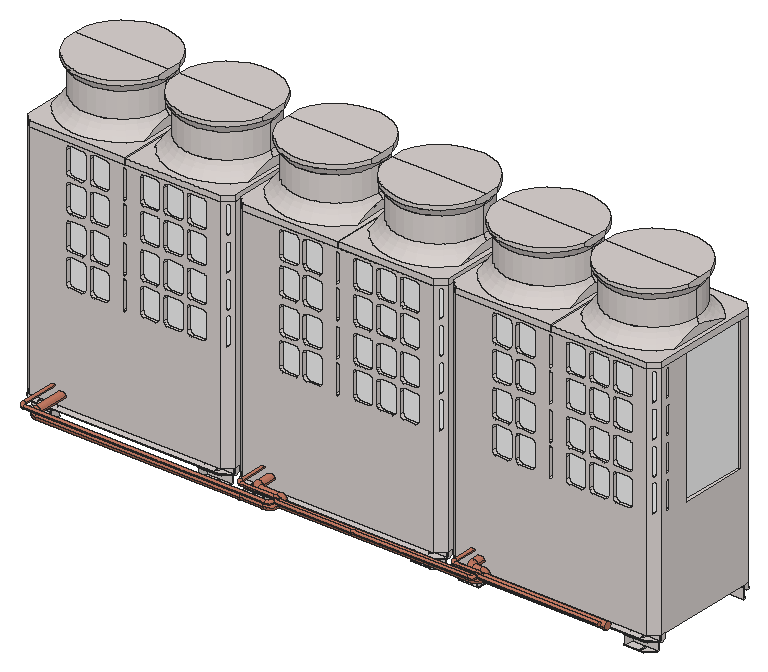
Revit family "PUHY-P1250YSNW-A1", category 機械設備, Revit 2016 (continued)
Definition of nested family "PUHY-P400YNW-A1"
  Dimensions and locks
    Extrusion 21 sketch curve to Extrusion 21 sketch curve = 170.800 mm
    plane 3 "Center (Left/Right)" to cut or joined group 1 (Extrusion 1, Extrusion 2, Extrusion 3, Extrusion 4, Extrusion 5, Extrusion 6, Extrusion 7, Extrusion 8, Extrusion 9, Extrusion 10, Extrusion 11, Extrusion 12, Extrusion 13, Extrusion 14, Extrusion 15, Extrusion 16, Extrusion 17, Extrusion 18, Extrusion 19, Extrusion 20, Extrusion 21, Extrusion 22, Extrusion 23, Extrusion 24, Extrusion 25, Extrusion 26, Extrusion 27, Extrusion 28, Extrusion 29, Extrusion 30, Extrusion 31, Extrusion 32, Extrusion 33) = 620.000 mm
    cut or joined group 1 to plane 3 "Center (Left/Right)" = 620.000 mm
    Extrusion 1 sketch curve to Extrusion 1 sketch curve = 1240.000 mm
    cut or joined group 1 to plane 8 = 185.000 mm
    cut or joined group 1 to plane 7 = 166.000 mm
    cut or joined group 1 to plane 6 = 110.000 mm
    cut or joined group 1 to plane 12 to cut or joined group 1 = 805.000 mm, 621.000 mm
    plane 5 to plane 2 = 1858.000 mm  (x2)
    cut or joined group 1 to plane 19 "132" = 132.000 mm
    cut or joined group 1 to plane 22 = 207.000 mm
    cut or joined group 1 to plane 23 = 256.000 mm
    cut or joined group 1 to plane 6 = 60.000 mm
    cut or joined group 1 to cut or joined group 1 = 42.154 mm
    cut or joined group 1 to cut or joined group 1 = 11.895 mm
    nested 1 to nested 3 to level = 1798.000 mm, 60.000 mm
    nested 1 to nested 1 = 303.000 mm
    nested 1 to nested 3 = 1495.000 mm
    nested 8 to nested 8 to nested 8 to nested 7 to nested 7 to nested 7 = 54.000 mm, 20.000 mm, 592.000 mm, 20.000 mm, 54.000 mm
    nested 3 to nested 3 = 56.000 mm
    plane 11 to plane 31 to plane 32 to cut or joined group 1 = 90.000 mm, 1060.000 mm, 90.000 mm
    curve 103 to nested 7 = 90.000 mm
    curve 104 to nested 7 = 125.000 mm
    curve 101 to nested 7 = 100.000 mm
    curve 11 to curve 13 to nested 7 = 84.000 mm, 71.000 mm
    cut or joined group 1 to curve 12 to curve 14 = 125.000 mm, 148.000 mm
    nested 2 to nested 7 = 1495.000 mm
    curve 87 to cut or joined group 1 = 152.000 mm
    curve 88 to cut or joined group 1 = 172.000 mm
    curve 89 to cut or joined group 1 = 216.000 mm
    cut or joined group 1 to curve 4 to curve 2 = 128.000 mm, 150.000 mm
    cut or joined group 1 to curve 1 to curve 3 = 79.000 mm, 94.000 mm
    Extrusion 32 sketch curve to nested 7 = 116.000 mm
    cut or joined group 1 to Extrusion 32 sketch curve = 160.000 mm
    cut or joined group 1 to Extrusion 33 sketch curve = 243.000 mm
    Extrusion 33 sketch curve to nested 7 = 116.000 mm
    aligned and locked: level to plane 2
    aligned and locked: Extrusion 1 to plane 4
  Nested families
    nested 1: "FAN GUARD" at (-311.5, 2, 860), type "FAN GUARD"
      with WIDTH 870.000 mm
    nested 2: "FAN GUARD" at (311.5, 2, 860) x (-1, 0, 0) z (0, 0, 1), type "FAN GUARD"
      with WIDTH 870.000 mm
    nested 3: "ATTACHMENT LEG" at (-524, -349, 0), type "ATTACHMENT LEG"
    nested 4: "ATTACHMENT LEG" at (-524, 349, 0), type "ATTACHMENT LEG"
    nested 5: "ATTACHMENT LEG" at (524, -349, 0) x (-1, 0, 0) z (0, 0, 1), type "ATTACHMENT LEG"
    nested 6: "ATTACHMENT LEG" at (524, 349, 0) x (-1, 0, 0) z (0, 0, 1), type "ATTACHMENT LEG"
    nested 7: "BASE LEG_L_" at (0, -352, 60), type "BASE LEG_L_"
      with Width 1240.000 mm
    nested 8: "BASE LEG_L_" at (0, 352, 60), type "BASE LEG_L_"
      with Width 1240.000 mm
  Connectors
    piping at (-460, -191, 176), diameter 25.4, driven by "Liquid pipe_radius"
      settings: on cut or joined group 1, index 3, connector inside diameter 25.4 mm, connector length 0.000 mm, flow factor 0, pipe flow 0.0 L/s, pressure drop 0.0 Pa, fitting loss kfactor 0, connector angle 0.00°, fixture units 0, engagement length 0.000 mm, angle of deflection 0.00°, flow configuration 0, flow direction 0, fitting loss method 0, system type 22, joint type 0, gender type 0, connector reference index -1, connector utility 0, adjustable connector no, is connector primary yes, connector description "Refrigerant service valve<Liquid pipe>"
    piping at (-377, -191, 176), diameter 28.58, driven by "Gas pipe_radius"
      settings: on cut or joined group 1, index 4, connector inside diameter 28.58 mm, connector length 0.000 mm, flow factor 0, pipe flow 0.0 L/s, pressure drop 0.0 Pa, fitting loss kfactor 0, connector angle 0.00°, fixture units 0, engagement length 0.000 mm, angle of deflection 0.00°, flow configuration 0, flow direction 0, fitting loss method 0, system type 22, joint type 0, gender type 0, connector reference index -1, connector utility 0, adjustable connector no, is connector primary no, connector description "Refrigerant service valve<Gas>"
    electrical at (0, -370, 808)
      settings: on cut or joined group 1, index 5, voltage 0 V, apparent load 0 VA, apparent load phase1 0 VA, apparent load phase2 0 VA, apparent load phase3 0 VA, power factor 1, load classification none, number of poles 1, system type 30, power factor state 1, is connector primary yes, connector utility no, sub classification motor no, connector description ""
  Definition of nested family "FAN GUARD"
    Parameters
      WIDTH [instance] = 870.000 mm
    Reference planes
      plane 1 "中心(正面/背面)": y = -2
      plane 2: z = 0
      plane 3 "ファンガード基準面": z = 661
      plane 4: y = 368
      plane 5: x = 366
      plane 6: x = -375
      plane 7 "ファンガード基準上面": z = 695
      plane 8 "ファンガード上面": z = 998
      plane 9: x = -273.971
      plane 10: x = 308.5
      plane 11: x = -308.5
      plane 12: x = 0
    Forms (mm)
      Extrusion 1, solid
        sketch origin (85, 0, 661) x (-1, 0, 0) y (0, -1, 0)
          loop
            line (343.5, -368) -> (393.5, -318) -> (393.5, 322) -> (343.5, 372) -> (-223.5, 372) -> (-223.5, -368) -> (343.5, -368)
        from 0 to 34
      Revolve 2, solid
        sketch origin (0, -2, 0) x (1, 0, 0) y (0, 0, 1)
          loop
            line (0, 695) -> (0, 998) -> (-290, 998) -> (-290, 972.327) -> (-260, 928.372) -> (-260, 777.384)
            arc (-260, 777.384) -> (-290.651, 730.137) -> (-334.665, 695) r 175.882
            line (-334.665, 695) -> (0, 695)
          axis (0, 998) -> (0, 695)
        angle from 0 to 360
      Extrusion 3, void
        sketch origin (-840, 75, 695) x (-1, 0, 0) y (0, -1, 0)
          loop
            line (-410, -165) -> (-410, 315) -> (-561.253, 315) -> (-561.253, -165) -> (-410, -165)
        from -35 to 430.592
      Extrusion 4, void
        sketch origin (840, 75, 695) x (1, 0, 0) y (0, 1, 0)
          loop
            line (-410, 165) -> (-561.253, 165) -> (-561.253, -315) -> (-410, -315) -> (-410, 165)
        from 0 to 430.592
    Cuts and joins
      Extrusion 3, Extrusion 4 cuts Revolve 2
      Extrusion 4 cuts Extrusion 1
    Lines and regions (mm)
      model lines
        curve 1: line (-278.747, 0, 998) -> (-80, 0, 998)
        curve 2: line (80, 0, 998) -> (278.747, 0, 998)
        curve 3: circle (0, 0, 998) r 80 normal (0, 0, 1)
        curve 4: line (-278.747, -80, 998) -> (278.747, -80, 998)
        curve 5: line (-241.868, -160, 998) -> (241.868, -160, 998)
        curve 6: line (-162.788, -240, 998) -> (162.788, -240, 998)
        curve 7: line (-278.747, 80, 998) -> (278.747, 80, 998)
        curve 8: line (-241.868, 160, 998) -> (240, 160, 998)
        curve 9: line (-160, 240, 998) -> (162.788, 240, 998)
        curve 10: line (0, 290, 998) -> (0, -290, 998)
        curve 11: line (-20, 289.31, 998) -> (-20, -289.31, 998)
        curve 12: line (-40, 287.228, 998) -> (-40, -287.228, 998)
        curve 13: line (-60, 283.725, 998) -> (-60, -283.725, 998)
        curve 14: line (-80, 278.747, 998) -> (-80, -278.747, 998)
        curve 15: line (20, 289.31, 998) -> (20, -289.31, 998)
        curve 16: line (40, 287.228, 998) -> (40, -287.228, 998)
        curve 17: line (60, 283.725, 998) -> (60, -283.725, 998)
        curve 18: line (80, 278.747, 998) -> (80, -278.747, 998)
        curve 19: line (100, 272.213, 998) -> (100, -272.213, 998)
        curve 20: line (120, 264.008, 998) -> (120, -264.008, 998)
        curve 21: line (140, 253.969, 998) -> (140, -253.969, 998)
        curve 22: line (160, 241.868, 998) -> (160, -243.132, 998)
        curve 23: line (180, 227.376, 998) -> (180, -227.624, 998)
        curve 24: line (200, 210, 998) -> (200, -210, 998)
        curve 25: line (220, 188.944, 998) -> (220, -188.944, 998)
        curve 26: line (240, 160, 998) -> (240, -162.788, 998)
        curve 27: line (260, 128.452, 998) -> (260, -128.452, 998)
        curve 28: line (-100, 272.213, 998) -> (-100, -272.213, 998)
        curve 29: line (-120, 264.008, 998) -> (-120, -264.008, 998)
        curve 30: line (-140, 253.969, 998) -> (-140, -253.969, 998)
        curve 31: line (-160, 240, 998) -> (-160, -241.868, 998)
        curve 32: line (-180, 227.376, 998) -> (-180, -227.376, 998)
        curve 33: line (-200, 210, 998) -> (-200, -210, 998)
        curve 34: line (-220, 188.944, 998) -> (-220, -188.944, 998)
        curve 35: line (-240, 162.788, 998) -> (-240, -162.788, 998)
        curve 36: line (-260, 128.452, 998) -> (-260, -128.452, 998)
        curve 37: line (10, 79.373, 998) -> (10, -79.373, 998)
        curve 38: line (-10, 79.373, 998) -> (-10, -79.373, 998)
        curve 39: line (30, 74.162, 998) -> (30, -74.162, 998)
        curve 40: line (50, 62.45, 998) -> (50, -62.45, 998)
        curve 41: line (70, 38.73, 998) -> (70, -38.73, 998)
        curve 42: line (-30, 74.162, 998) -> (-30, -74.162, 998)
        curve 43: line (-50, 62.45, 998) -> (-50, -62.45, 998)
        curve 44: line (-70, 38.73, 998) -> (-70, -38.73, 998)
    Dimensions and locks
      locked: plane 8 "ファンガード上面" to plane 7 "ファンガード基準上面" at 303
      plane 8 "ファンガード上面" to plane 3 "ファンガード基準面" = 337.000 mm
      Revolve 2 sketch curve to Revolve 2 sketch curve = 290.000 mm
      Extrusion 1 sketch curve to Extrusion 1 sketch curve = 740.000 mm
      equal spacing: Extrusion 1 sketch curve, plane 1 "中心(正面/背面)", Extrusion 1 sketch curve
      plane 6 to plane 5 = 741.000 mm
      Extrusion 1 sketch curve to Extrusion 1 sketch curve = 617.000 mm
      plane 11 to plane 10 = 617.000 mm
      cut or joined group of Extrusion 1, Extrusion 4 to cut or joined group of Extrusion 1, Extrusion 4 = 617.000 mm
      cut or joined group of Extrusion 1, Extrusion 4 to cut or joined group of Extrusion 1, Extrusion 4 = 740.000 mm
      aligned and locked: level to plane 2
      aligned and locked: plane 7 "ファンガード基準上面" to Extrusion 1
      aligned and locked: plane 3 "ファンガード基準面" to Extrusion 1
      aligned and locked: cut or joined group of Revolve 2, Extrusion 3, Extrusion 4 to plane 8 "ファンガード上面"
  Definition of nested family "ATTACHMENT LEG"
    Parameters
      Width = 145.000 mm
    Reference planes
      plane 1: z = 0
      plane 2 "中心(左/右)": x = -6
      plane 3: x = -52
      plane 4: x = 85
      plane 5: x = 93
      plane 6: y = -21
      plane 7: y = 27
      plane 8: x = -30
      plane 9: y = 39
      plane 10: z = 60
      plane 11: z = 57
      plane 12: z = 3
      plane 13: x = 82
      plane 14: y = 36
      plane 15: x = -75
      plane 16: y = 31
      plane 17 "幅": x = 93
      plane 18: y = 2.5
      plane 19: y = 21
      plane 20: y = -10
    Forms (mm)
      Extrusion 1, solid
        sketch origin (0, -1, 0) x (1, 0, 0) y (0, 1, 0)
          loop
            line (-75, 36) -> (-75, 27) -> (-28, -20) -> (93, -20) -> (93, 32) -> (85, 32) -> (85, 36) -> (-75, 36)
        from 0 to 60
      Extrusion 2, void
        sketch origin (0, -3, 0) x (1, 0, 0) y (0, 0, 1)
          loop
            line (-75, 57) -> (-75, 3) -> (82, 3) -> (82, 57) -> (-75, 57)
          loop
            line (93, 57) -> (85, 57) -> (85, 3) -> (93, 3) -> (93, 57)
        from -35 to 18
      Extrusion 3, void
        sketch origin (-6, 5.5, 0) x (1, 0, 0) y (0, 1, 0)
          loop
            arc (-7, -8.5) -> (0, -15.5) -> (7, -8.5) r 7
            line (7, -8.5) -> (7, 8.5)
            arc (7, 8.5) -> (0, 15.5) -> (-7, 8.5) r 7
            line (-7, 8.5) -> (-7, -8.5)
        from 0 to 60
    Cuts and joins
      Extrusion 2, Extrusion 3 cuts Extrusion 1
    Dimensions and locks
      locked: plane 3 to plane 4 at 137
      locked: plane 3 to plane 5 at 145
      plane 6 to plane 7 = 48.000 mm
      locked: plane 10 to level at 60
      Extrusion 3 sketch curve to plane 2 "中心(左/右)" = 7.000 mm
      locked: plane 15 to plane 2 "中心(左/右)" at 69
      locked: plane 15 to plane 8 at 45
      locked: plane 6 to plane 18 at 23.5
      cut or joined group of Extrusion 1, Extrusion 2, Extrusion 3 to cut or joined group of Extrusion 1, Extrusion 2, Extrusion 3 = 168.000 mm
      cut or joined group of Extrusion 1, Extrusion 2, Extrusion 3 to cut or joined group of Extrusion 1, Extrusion 2, Extrusion 3 = 56.000 mm  (x2)
      plane 14 to plane 6 = 57.000 mm
      aligned and locked: level to plane 1
      aligned and locked: Extrusion 1 sketch curve to plane 4
      aligned and locked: Extrusion 1 sketch curve to plane 5
      aligned: plane 8 to Extrusion 1 sketch curve
      aligned and locked: plane 10 to Extrusion 1
      aligned and locked: Extrusion 2 sketch curve to plane 11
      aligned: plane 3 to Extrusion 2 sketch curve
      aligned and locked: plane 12 to Extrusion 2 sketch curve
      aligned and locked: Extrusion 2 sketch curve to plane 13
      aligned and locked: plane 6 to Extrusion 2
      aligned and locked: plane 11 to Extrusion 2 sketch curve
      aligned and locked: plane 5 to Extrusion 2 sketch curve
      aligned and locked: Extrusion 2 sketch curve to plane 12
      aligned and locked: Extrusion 2 sketch curve to plane 4
      aligned and locked: plane 15 to Extrusion 1 sketch curve
      aligned and locked: Extrusion 2 sketch curve to cut or joined group of Extrusion 1, Extrusion 2, Extrusion 3
      aligned and locked: Extrusion 1 to plane 16
  Definition of nested family "BASE LEG_L_"
    Parameters
      Width [instance] = 1240.000 mm
    Reference planes
      plane 1 "中心(正面/背面)": y = 0
      plane 2: z = 0
      plane 3 "中心(左/右)": x = 0
      plane 4: x = 620
      plane 5: x = -620
      plane 6: x = -530
      plane 7: x = 530
      plane 8: y = -18
      plane 9: y = 39
      plane 10: z = 53
      plane 11: y = 42
      plane 12: y = 27
      plane 13: x = 575
      plane 14: x = -575
      plane 15: z = 8
      plane 16: y = 11.5
      plane 17: z = 35
    Forms (mm)
      Extrusion 1, solid
        sketch origin (0, 0, 0) x (0, 1, 0) y (0, 0, 1)
          loop
            line (-18, 0) -> (36, 0) -> (36, 32) -> (56, 32) -> (56, 35) -> (33, 35) -> (33, 3) -> (-18, 3) -> (-18, 0)
        from -620 to 620
      Extrusion 2, void
        sketch origin (0, 0, 0) x (1, 0, 0) y (0, 1, 0)
          loop
            line (575, -18) -> (620, -18) -> (620, 27) -> (575, -18)
          loop
            line (-575, -18) -> (-620, 27) -> (-620, -18) -> (-575, -18)
        from 0 to 250
      Extrusion 3, void
        sketch origin (0, 12.023, 0) x (1, 0, 0) y (0, 1, 0)
          loop
            arc (523, -2.971) -> (530, -9.971) -> (537, -2.971) r 7
            line (537, -2.971) -> (537, 3.023)
            arc (537, 3.023) -> (530, 10.023) -> (523, 3.023) r 7
            line (523, 3.023) -> (523, -2.971)
          loop
            line (-523, -2.971) -> (-523, 3.023)
            arc (-523, 3.023) -> (-530, 10.023) -> (-537, 3.023) r 7
            line (-537, 3.023) -> (-537, -2.971)
            arc (-537, -2.971) -> (-530, -9.971) -> (-523, -2.971) r 7
        from 0 to 250
      Extrusion 4, solid
        sketch origin (0, 0, -3) x (1, 0, 0) y (0, 0, 1)
          loop
            line (617, 8) -> (620, 8) -> (620, 35) -> (617, 35) -> (617, 8)
          loop
            line (-617, 8) -> (-617, 35) -> (-620, 35) -> (-620, 8) -> (-617, 8)
        from -36 to -56
      Extrusion 5, solid
        sketch origin (150, 352, 0) x (1, 0, 0) y (0, 1, 0)
          loop
            line (460, -319) -> (455, -319) -> (455, -320) -> (405, -370) -> (410, -370) -> (460, -320) -> (460, -319)
        from 3 to 35
      Extrusion 6, void
        sketch origin (560, -18, 0) x (0.707107, 0.707107, 0) y (0, 0, 1)
          loop
            line (70.711, 3) -> (-6.741, 39.767) -> (-6.741, 3) -> (70.711, 3)
        from -190.256 to 23.776
      Extrusion 7, solid
        sketch origin (-150, 352, 0) x (-1, 0, 0) y (0, -1, 0)
          loop
            line (460, 319) -> (460, 320) -> (410, 370) -> (405, 370) -> (455, 320) -> (455, 319) -> (460, 319)
        from 3 to 35
      Extrusion 8, void
        sketch origin (-560, -18, 0) x (0.707107, -0.707107, 0) y (0, 0, -1)
          loop
            line (-70.711, -3) -> (0, -35) -> (6.741, -35) -> (6.741, -3) -> (-70.711, -3)
        from -190.256 to 23.776
    Cuts and joins
      Extrusion 2, Extrusion 3 cuts Extrusion 1
      joined: Extrusion 1, Extrusion 4
      Extrusion 8 cuts Extrusion 7
      Extrusion 6 cuts Extrusion 5
    Dimensions and locks
      "Width": plane 5 to plane 4
      equal spacing: plane 5, plane 3 "中心(左/右)", plane 4
      locked: plane 5 to plane 6 at 90
      locked: plane 7 to plane 4 at 90
      locked: plane 8 to plane 9 at 57
      locked: plane 10 to level at 53
      locked: plane 9 to plane 11 at 3
      plane 8 to plane 12 = 45.000 mm
      locked: plane 13 to plane 4 at 45
      locked: plane 5 to plane 14 at 45
      equal spacing: Extrusion 3 sketch curve, plane 7, Extrusion 3 sketch curve
      equal spacing: Extrusion 3 sketch curve, plane 6, Extrusion 3 sketch curve
      locked: plane 10 to plane 15 at 45
      locked: cut or joined group of Extrusion 1, Extrusion 2, Extrusion 3, Extrusion 4 to Extrusion 4 sketch curve at 3  (x2)
      locked: plane 8 to plane 16 at 29.5
      plane 8 to plane 11 = 60.000 mm
      cut or joined group of Extrusion 1, Extrusion 2, Extrusion 3, Extrusion 4 to cut or joined group of Extrusion 1, Extrusion 2, Extrusion 3, Extrusion 4 = 35.000 mm
      aligned and locked: level to plane 2
      aligned and locked: plane 8 to Extrusion 1 sketch curve
      aligned and locked: plane 4 to Extrusion 1
      aligned and locked: Extrusion 1 to plane 5
      aligned and locked: Extrusion 2 sketch curve to plane 4
      aligned and locked: Extrusion 2 sketch curve to plane 8
      aligned and locked: plane 12 to Extrusion 2 sketch curve
      aligned and locked: plane 13 to Extrusion 2 sketch curve
      aligned and locked: plane 4 to Extrusion 4 sketch curve
      aligned and locked: plane 5 to Extrusion 4 sketch curve
      aligned and locked: cut or joined group of Extrusion 7, Extrusion 8 to cut or joined group of Extrusion 1, Extrusion 2, Extrusion 3, Extrusion 4
    Automatic sketch dimensions
      Extrusion 3 sketch curve to plane 1 "中心(正面/背面)" = 9.052 mm  (x2)
      Extrusion 3 sketch curve to plane 7 = 7.000 mm
      Extrusion 3 sketch curve to plane 1 "中心(正面/背面)" = 15.046 mm  (x2)
      Extrusion 3 sketch curve to plane 6 = 7.000 mm
      Extrusion 2 sketch curve to plane 5 = 0.000 mm
      plane 8 to Extrusion 2 sketch curve = 0.000 mm
      Extrusion 2 sketch curve to plane 14 = 0.000 mm
      plane 12 to Extrusion 2 sketch curve = 0.000 mm
      Extrusion 4 sketch curve to plane 10 = 21.000 mm
      plane 7 to Extrusion 5 sketch curve = 25.000 mm
      Extrusion 5 sketch curve to Extrusion 5 sketch curve = 5.000 mm  (x2)
      plane 7 to Extrusion 5 sketch curve = 75.000 mm
      plane 8 to Extrusion 5 sketch curve = 0.000 mm
      Extrusion 5 sketch curve to Extrusion 5 sketch curve = 50.000 mm
      Extrusion 5 sketch curve to Extrusion 5 sketch curve = 0.000 mm
      Extrusion 5 sketch curve to Extrusion 5 sketch curve = 1.000 mm
      Extrusion 6 sketch curve to Extrusion 5 = 0.000 mm  (x2)
      Extrusion 6 sketch curve to Extrusion 5 = 6.741 mm
      Extrusion 6 sketch curve to Extrusion 5 = 4.767 mm
      plane 6 to Extrusion 7 sketch curve = 25.000 mm
      Extrusion 7 sketch curve to Extrusion 7 sketch curve = 5.000 mm  (x2)
      Extrusion 7 sketch curve to Extrusion 7 sketch curve = 45.000 mm
      Extrusion 7 sketch curve to plane 8 = 0.000 mm
      Extrusion 7 sketch curve to Extrusion 7 sketch curve = 50.000 mm
      Extrusion 7 sketch curve to Extrusion 7 sketch curve = 0.000 mm
      Extrusion 7 sketch curve to Extrusion 7 sketch curve = 1.000 mm
      Extrusion 8 sketch curve to Extrusion 7 = 0.000 mm  (x2)
      Extrusion 7 to Extrusion 8 sketch curve = 0.000 mm  (x2)
      Extrusion 7 to Extrusion 8 sketch curve = 6.741 mm
      Extrusion 4 sketch curve to plane 17 = 3.000 mm
      Extrusion 4 sketch curve to plane 15 = 3.000 mm  (x2)
      Extrusion 1 sketch curve to plane 17 = 0.000 mm
      Extrusion 1 sketch curve to level = 0.000 mm
      level to Extrusion 1 sketch curve = 3.000 mm
      plane 9 to Extrusion 1 sketch curve = 6.000 mm
      plane 9 to Extrusion 1 sketch curve = 3.000 mm
      Extrusion 1 sketch curve to plane 17 = 3.000 mm
      Extrusion 1 sketch curve to plane 11 = 14.000 mm
Definition of nested family "PUHY-P450YNW-A1"
  Parameters
    Model = "PUHY-P400YNW-A"
    URL = "http://www.mitsubishielectric.com/"
    Manufacturer = "Mitsubishi Electric Corporation"
    Liquid pipe_radius = 12.700 mm
    Gas pipe_radius = 14.290 mm
  Reference planes
    plane 1 "Center (Front/Back)": y = 0
    plane 2: z = 0
    plane 3 "Center (Left/Right)": x = 0
    plane 4: y = 370
    plane 5: z = 1858
    plane 6: y = -260
    plane 7: y = -204
    plane 8: y = -185
    plane 9: x = -620
    plane 10: x = 620
    plane 11: x = -620
    plane 12: z = 716
    plane 13: x = -524
    plane 14: z = 669
    plane 15: x = -50.5
    plane 16: x = 51
    plane 17: x = 489
    plane 18: x = 467
    plane 19 "132": x = 488
    plane 20 "100": z = 160
    plane 21: z = 185
    plane 22: x = 413
    plane 23: x = 364
    plane 24: z = 150
    plane 25: x = -287.25
    plane 26: x = -137.25
    plane 27: x = -272.25
    plane 28: y = -278
    plane 29: z = 1509
    plane 30: y = -370
    plane 31: x = -530
    plane 32: x = 530
    plane 33 "179": y = -191
  Forms (mm)
    Extrusion 1, solid
      sketch origin (-1, 0, 113) x (-1, 0, 0) y (0, -1, 0)
        loop
          line (569, -370) -> (619, -320) -> (619, 320) -> (569, 370) -> (-571, 370) -> (-621, 320) -> (-621, -320) -> (-571, -370) -> (569, -370)
      from -18 to 1408
    Extrusion 2, void
      sketch origin (524, -370, 113) x (1, 0, 0) y (0, 0, -1)
        loop
          arc (-60.8, -1393.5) -> (-42.557, -1385.943) -> (-35, -1367.7) r 25.8
          line (-35, -1367.7) -> (-35, -1248.5)
          arc (-35, -1248.5) -> (-42.557, -1230.257) -> (-60.8, -1222.7) r 25.8
          line (-60.8, -1222.7) -> (-126, -1222.7)
          arc (-126, -1222.7) -> (-144.243, -1230.257) -> (-151.8, -1248.5) r 25.8
          line (-151.8, -1248.5) -> (-151.8, -1367.7)
          arc (-151.8, -1367.7) -> (-144.243, -1385.943) -> (-126, -1393.5) r 25.8
          line (-126, -1393.5) -> (-60.8, -1393.5)
      from 0 to 20
    Extrusion 3, void
      sketch origin (524, -370, -81) x (1, 0, 0) y (0, 0, -1)
        loop
          arc (-60.8, -1393.5) -> (-42.557, -1385.943) -> (-35, -1367.7) r 25.8
          line (-35, -1367.7) -> (-35, -1248.5)
          arc (-35, -1248.5) -> (-42.557, -1230.257) -> (-60.8, -1222.7) r 25.8
          line (-60.8, -1222.7) -> (-126, -1222.7)
          arc (-126, -1222.7) -> (-144.243, -1230.257) -> (-151.8, -1248.5) r 25.8
          line (-151.8, -1248.5) -> (-151.8, -1367.7)
          arc (-151.8, -1367.7) -> (-144.243, -1385.943) -> (-126, -1393.5) r 25.8
          line (-126, -1393.5) -> (-60.8, -1393.5)
      from 0 to 20
    Extrusion 4, void
      sketch origin (524, -370, -287) x (1, 0, 0) y (0, 0, -1)
        loop
          arc (-60.8, -1393.5) -> (-42.557, -1385.943) -> (-35, -1367.7) r 25.8
          line (-35, -1367.7) -> (-35, -1248.5)
          arc (-35, -1248.5) -> (-42.557, -1230.257) -> (-60.8, -1222.7) r 25.8
          line (-60.8, -1222.7) -> (-126, -1222.7)
          arc (-126, -1222.7) -> (-144.243, -1230.257) -> (-151.8, -1248.5) r 25.8
          line (-151.8, -1248.5) -> (-151.8, -1367.7)
          arc (-151.8, -1367.7) -> (-144.243, -1385.943) -> (-126, -1393.5) r 25.8
          line (-126, -1393.5) -> (-60.8, -1393.5)
      from 0 to 20
    Extrusion 5, void
      sketch origin (524, -370, -481) x (1, 0, 0) y (0, 0, -1)
        loop
          arc (-60.8, -1393.5) -> (-42.557, -1385.943) -> (-35, -1367.7) r 25.8
          line (-35, -1367.7) -> (-35, -1248.5)
          arc (-35, -1248.5) -> (-42.557, -1230.257) -> (-60.8, -1222.7) r 25.8
          line (-60.8, -1222.7) -> (-126, -1222.7)
          arc (-126, -1222.7) -> (-144.243, -1230.257) -> (-151.8, -1248.5) r 25.8
          line (-151.8, -1248.5) -> (-151.8, -1367.7)
          arc (-151.8, -1367.7) -> (-144.243, -1385.943) -> (-126, -1393.5) r 25.8
          line (-126, -1393.5) -> (-60.8, -1393.5)
      from 0 to 20
    Extrusion 6, void
      sketch origin (384, -370, 113) x (1, 0, 0) y (0, 0, -1)
        loop
          arc (-60.8, -1393.5) -> (-42.557, -1385.943) -> (-35, -1367.7) r 25.8
          line (-35, -1367.7) -> (-35, -1248.5)
          arc (-35, -1248.5) -> (-42.557, -1230.257) -> (-60.8, -1222.7) r 25.8
          line (-60.8, -1222.7) -> (-126, -1222.7)
          arc (-126, -1222.7) -> (-144.243, -1230.257) -> (-151.8, -1248.5) r 25.8
          line (-151.8, -1248.5) -> (-151.8, -1367.7)
          arc (-151.8, -1367.7) -> (-144.243, -1385.943) -> (-126, -1393.5) r 25.8
          line (-126, -1393.5) -> (-60.8, -1393.5)
      from 0 to 20
    Extrusion 7, void
      sketch origin (384, -370, -81) x (1, 0, 0) y (0, 0, -1)
        loop
          arc (-60.8, -1393.5) -> (-42.557, -1385.943) -> (-35, -1367.7) r 25.8
          line (-35, -1367.7) -> (-35, -1248.5)
          arc (-35, -1248.5) -> (-42.557, -1230.257) -> (-60.8, -1222.7) r 25.8
          line (-60.8, -1222.7) -> (-126, -1222.7)
          arc (-126, -1222.7) -> (-144.243, -1230.257) -> (-151.8, -1248.5) r 25.8
          line (-151.8, -1248.5) -> (-151.8, -1367.7)
          arc (-151.8, -1367.7) -> (-144.243, -1385.943) -> (-126, -1393.5) r 25.8
          line (-126, -1393.5) -> (-60.8, -1393.5)
      from 0 to 20
    Extrusion 8, void
      sketch origin (384, -370, -287) x (1, 0, 0) y (0, 0, -1)
        loop
          arc (-60.8, -1393.5) -> (-42.557, -1385.943) -> (-35, -1367.7) r 25.8
          line (-35, -1367.7) -> (-35, -1248.5)
          arc (-35, -1248.5) -> (-42.557, -1230.257) -> (-60.8, -1222.7) r 25.8
          line (-60.8, -1222.7) -> (-126, -1222.7)
          arc (-126, -1222.7) -> (-144.243, -1230.257) -> (-151.8, -1248.5) r 25.8
          line (-151.8, -1248.5) -> (-151.8, -1367.7)
          arc (-151.8, -1367.7) -> (-144.243, -1385.943) -> (-126, -1393.5) r 25.8
          line (-126, -1393.5) -> (-60.8, -1393.5)
      from 0 to 20
    Extrusion 9, void
      sketch origin (384, -370, -481) x (1, 0, 0) y (0, 0, -1)
        loop
          arc (-60.8, -1393.5) -> (-42.557, -1385.943) -> (-35, -1367.7) r 25.8
          line (-35, -1367.7) -> (-35, -1248.5)
          arc (-35, -1248.5) -> (-42.557, -1230.257) -> (-60.8, -1222.7) r 25.8
          line (-60.8, -1222.7) -> (-126, -1222.7)
          arc (-126, -1222.7) -> (-144.243, -1230.257) -> (-151.8, -1248.5) r 25.8
          line (-151.8, -1248.5) -> (-151.8, -1367.7)
          arc (-151.8, -1367.7) -> (-144.243, -1385.943) -> (-126, -1393.5) r 25.8
          line (-126, -1393.5) -> (-60.8, -1393.5)
      from 0 to 20
    Extrusion 10, void
      sketch origin (244, -370, 113) x (1, 0, 0) y (0, 0, -1)
        loop
          arc (-60.8, -1393.5) -> (-42.557, -1385.943) -> (-35, -1367.7) r 25.8
          line (-35, -1367.7) -> (-35, -1248.5)
          arc (-35, -1248.5) -> (-42.557, -1230.257) -> (-60.8, -1222.7) r 25.8
          line (-60.8, -1222.7) -> (-126, -1222.7)
          arc (-126, -1222.7) -> (-144.243, -1230.257) -> (-151.8, -1248.5) r 25.8
          line (-151.8, -1248.5) -> (-151.8, -1367.7)
          arc (-151.8, -1367.7) -> (-144.243, -1385.943) -> (-126, -1393.5) r 25.8
          line (-126, -1393.5) -> (-60.8, -1393.5)
      from 0 to 20
    Extrusion 11, void
      sketch origin (244, -370, -81) x (1, 0, 0) y (0, 0, -1)
        loop
          arc (-60.8, -1393.5) -> (-42.557, -1385.943) -> (-35, -1367.7) r 25.8
          line (-35, -1367.7) -> (-35, -1248.5)
          arc (-35, -1248.5) -> (-42.557, -1230.257) -> (-60.8, -1222.7) r 25.8
          line (-60.8, -1222.7) -> (-126, -1222.7)
          arc (-126, -1222.7) -> (-144.243, -1230.257) -> (-151.8, -1248.5) r 25.8
          line (-151.8, -1248.5) -> (-151.8, -1367.7)
          arc (-151.8, -1367.7) -> (-144.243, -1385.943) -> (-126, -1393.5) r 25.8
          line (-126, -1393.5) -> (-60.8, -1393.5)
      from 0 to 20
    Extrusion 12, void
      sketch origin (244, -370, -287) x (1, 0, 0) y (0, 0, -1)
        loop
          arc (-60.8, -1393.5) -> (-42.557, -1385.943) -> (-35, -1367.7) r 25.8
          line (-35, -1367.7) -> (-35, -1248.5)
          arc (-35, -1248.5) -> (-42.557, -1230.257) -> (-60.8, -1222.7) r 25.8
          line (-60.8, -1222.7) -> (-126, -1222.7)
          arc (-126, -1222.7) -> (-144.243, -1230.257) -> (-151.8, -1248.5) r 25.8
          line (-151.8, -1248.5) -> (-151.8, -1367.7)
          arc (-151.8, -1367.7) -> (-144.243, -1385.943) -> (-126, -1393.5) r 25.8
          line (-126, -1393.5) -> (-60.8, -1393.5)
      from 0 to 20
    Extrusion 13, void
      sketch origin (244, -370, -481) x (1, 0, 0) y (0, 0, -1)
        loop
          arc (-60.8, -1393.5) -> (-42.557, -1385.943) -> (-35, -1367.7) r 25.8
          line (-35, -1367.7) -> (-35, -1248.5)
          arc (-35, -1248.5) -> (-42.557, -1230.257) -> (-60.8, -1222.7) r 25.8
          line (-60.8, -1222.7) -> (-126, -1222.7)
          arc (-126, -1222.7) -> (-144.243, -1230.257) -> (-151.8, -1248.5) r 25.8
          line (-151.8, -1248.5) -> (-151.8, -1367.7)
          arc (-151.8, -1367.7) -> (-144.243, -1385.943) -> (-126, -1393.5) r 25.8
          line (-126, -1393.5) -> (-60.8, -1393.5)
      from 0 to 20
    Extrusion 14, void
      sketch origin (-56, -370, 113) x (1, 0, 0) y (0, 0, -1)
        loop
          arc (-60.8, -1393.5) -> (-42.557, -1385.943) -> (-35, -1367.7) r 25.8
          line (-35, -1367.7) -> (-35, -1248.5)
          arc (-35, -1248.5) -> (-42.557, -1230.257) -> (-60.8, -1222.7) r 25.8
          line (-60.8, -1222.7) -> (-126, -1222.7)
          arc (-126, -1222.7) -> (-144.243, -1230.257) -> (-151.8, -1248.5) r 25.8
          line (-151.8, -1248.5) -> (-151.8, -1367.7)
          arc (-151.8, -1367.7) -> (-144.243, -1385.943) -> (-126, -1393.5) r 25.8
          line (-126, -1393.5) -> (-60.8, -1393.5)
      from 0 to 20
    Extrusion 15, void
      sketch origin (-56, -370, -81) x (1, 0, 0) y (0, 0, -1)
        loop
          arc (-60.8, -1393.5) -> (-42.557, -1385.943) -> (-35, -1367.7) r 25.8
          line (-35, -1367.7) -> (-35, -1248.5)
          arc (-35, -1248.5) -> (-42.557, -1230.257) -> (-60.8, -1222.7) r 25.8
          line (-60.8, -1222.7) -> (-126, -1222.7)
          arc (-126, -1222.7) -> (-144.243, -1230.257) -> (-151.8, -1248.5) r 25.8
          line (-151.8, -1248.5) -> (-151.8, -1367.7)
          arc (-151.8, -1367.7) -> (-144.243, -1385.943) -> (-126, -1393.5) r 25.8
          line (-126, -1393.5) -> (-60.8, -1393.5)
      from 0 to 20
    Extrusion 16, void
      sketch origin (-56, -370, -287) x (1, 0, 0) y (0, 0, -1)
        loop
          arc (-60.8, -1393.5) -> (-42.557, -1385.943) -> (-35, -1367.7) r 25.8
          line (-35, -1367.7) -> (-35, -1248.5)
          arc (-35, -1248.5) -> (-42.557, -1230.257) -> (-60.8, -1222.7) r 25.8
          line (-60.8, -1222.7) -> (-126, -1222.7)
          arc (-126, -1222.7) -> (-144.243, -1230.257) -> (-151.8, -1248.5) r 25.8
          line (-151.8, -1248.5) -> (-151.8, -1367.7)
          arc (-151.8, -1367.7) -> (-144.243, -1385.943) -> (-126, -1393.5) r 25.8
          line (-126, -1393.5) -> (-60.8, -1393.5)
      from 0 to 20
    Extrusion 17, void
      sketch origin (-56, -370, -481) x (1, 0, 0) y (0, 0, -1)
        loop
          arc (-60.8, -1393.5) -> (-42.557, -1385.943) -> (-35, -1367.7) r 25.8
          line (-35, -1367.7) -> (-35, -1248.5)
          arc (-35, -1248.5) -> (-42.557, -1230.257) -> (-60.8, -1222.7) r 25.8
          line (-60.8, -1222.7) -> (-126, -1222.7)
          arc (-126, -1222.7) -> (-144.243, -1230.257) -> (-151.8, -1248.5) r 25.8
          line (-151.8, -1248.5) -> (-151.8, -1367.7)
          arc (-151.8, -1367.7) -> (-144.243, -1385.943) -> (-126, -1393.5) r 25.8
          line (-126, -1393.5) -> (-60.8, -1393.5)
      from 0 to 20
    Extrusion 18, void
      sketch origin (-196, -370, 113) x (1, 0, 0) y (0, 0, -1)
        loop
          arc (-60.8, -1393.5) -> (-42.557, -1385.943) -> (-35, -1367.7) r 25.8
          line (-35, -1367.7) -> (-35, -1248.5)
          arc (-35, -1248.5) -> (-42.557, -1230.257) -> (-60.8, -1222.7) r 25.8
          line (-60.8, -1222.7) -> (-126, -1222.7)
          arc (-126, -1222.7) -> (-144.243, -1230.257) -> (-151.8, -1248.5) r 25.8
          line (-151.8, -1248.5) -> (-151.8, -1367.7)
          arc (-151.8, -1367.7) -> (-144.243, -1385.943) -> (-126, -1393.5) r 25.8
          line (-126, -1393.5) -> (-60.8, -1393.5)
      from 0 to 20
    Extrusion 19, void
      sketch origin (-196, -370, -81) x (1, 0, 0) y (0, 0, -1)
        loop
          arc (-60.8, -1393.5) -> (-42.557, -1385.943) -> (-35, -1367.7) r 25.8
          line (-35, -1367.7) -> (-35, -1248.5)
          arc (-35, -1248.5) -> (-42.557, -1230.257) -> (-60.8, -1222.7) r 25.8
          line (-60.8, -1222.7) -> (-126, -1222.7)
          arc (-126, -1222.7) -> (-144.243, -1230.257) -> (-151.8, -1248.5) r 25.8
          line (-151.8, -1248.5) -> (-151.8, -1367.7)
          arc (-151.8, -1367.7) -> (-144.243, -1385.943) -> (-126, -1393.5) r 25.8
          line (-126, -1393.5) -> (-60.8, -1393.5)
      from 0 to 20
    Extrusion 20, void
      sketch origin (-196, -370, -287) x (1, 0, 0) y (0, 0, -1)
        loop
          arc (-60.8, -1393.5) -> (-42.557, -1385.943) -> (-35, -1367.7) r 25.8
          line (-35, -1367.7) -> (-35, -1248.5)
          arc (-35, -1248.5) -> (-42.557, -1230.257) -> (-60.8, -1222.7) r 25.8
          line (-60.8, -1222.7) -> (-126, -1222.7)
          arc (-126, -1222.7) -> (-144.243, -1230.257) -> (-151.8, -1248.5) r 25.8
          line (-151.8, -1248.5) -> (-151.8, -1367.7)
          arc (-151.8, -1367.7) -> (-144.243, -1385.943) -> (-126, -1393.5) r 25.8
          line (-126, -1393.5) -> (-60.8, -1393.5)
      from 0 to 20
    Extrusion 21, void
      sketch origin (-196, -370, -481) x (1, 0, 0) y (0, 0, -1)
        loop
          arc (-60.8, -1393.5) -> (-42.557, -1385.943) -> (-35, -1367.7) r 25.8
          line (-35, -1367.7) -> (-35, -1248.5)
          arc (-35, -1248.5) -> (-42.557, -1230.257) -> (-60.8, -1222.7) r 25.8
          line (-60.8, -1222.7) -> (-126, -1222.7)
          arc (-126, -1222.7) -> (-144.243, -1230.257) -> (-151.8, -1248.5) r 25.8
          line (-151.8, -1248.5) -> (-151.8, -1367.7)
          arc (-151.8, -1367.7) -> (-144.243, -1385.943) -> (-126, -1393.5) r 25.8
          line (-126, -1393.5) -> (-60.8, -1393.5)
      from 0 to 20
    Extrusion 22, void
      sketch origin (620, 320, 113) x (0, 1, 0) y (0, 0, -1)
        loop
          line (-462.3, -1408) -> (-50.8, -1408) -> (-50.8, -612) -> (-462.3, -612) -> (-462.3, -1408)
      from 0 to 20
    Extrusion 23, void
      sketch origin (-620, -320, 113) x (0, -1, 0) y (0, 0, -1)
        loop
          line (-535.7, -1408) -> (-207.7, -1408) -> (-207.7, -592) -> (-535.7, -592) -> (-535.7, -1408)
      from 0 to 20
    Extrusion 24, void
      sketch origin (194.892, 370, 113) x (-1, 0, 0) y (0, 0, -1)
        loop
          arc (204.892, -1225.013) -> (194.892, -1215.013) -> (184.892, -1225.013) r 10
          line (184.892, -1225.013) -> (184.892, -1379.987)
          arc (184.892, -1379.987) -> (194.892, -1389.987) -> (204.892, -1379.987) r 10
          line (204.892, -1379.987) -> (204.892, -1225.013)
        loop
          arc (204.892, -1031.013) -> (194.892, -1021.013) -> (184.892, -1031.013) r 10
          line (184.892, -1031.013) -> (184.892, -1185.987)
          arc (184.892, -1185.987) -> (194.892, -1195.987) -> (204.892, -1185.987) r 10
          line (204.892, -1185.987) -> (204.892, -1031.013)
        loop
          arc (204.892, -825.013) -> (194.892, -815.013) -> (184.892, -825.013) r 10
          line (184.892, -825.013) -> (184.892, -979.987)
          arc (184.892, -979.987) -> (194.892, -989.987) -> (204.892, -979.987) r 10
          line (204.892, -979.987) -> (204.892, -825.013)
        loop
          arc (204.892, -631.013) -> (194.892, -621.013) -> (184.892, -631.013) r 10
          line (184.892, -631.013) -> (184.892, -785.987)
          arc (184.892, -785.987) -> (194.892, -795.987) -> (204.892, -785.987) r 10
          line (204.892, -785.987) -> (204.892, -631.013)
      from 0 to 20
    Extrusion 25, void
      sketch origin (-570, 370, 113) x (0.707107, 0.707107, 0) y (0, 0, 1)
        loop
          arc (-45.355, 1236) -> (-35.355, 1226) -> (-25.355, 1236) r 10
          line (-25.355, 1236) -> (-25.355, 1386)
          arc (-25.355, 1386) -> (-35.355, 1396) -> (-45.355, 1386) r 10
          line (-45.355, 1386) -> (-45.355, 1236)
        loop
          arc (-45.355, 1036) -> (-35.355, 1026) -> (-25.355, 1036) r 10
          line (-25.355, 1036) -> (-25.355, 1186)
          arc (-25.355, 1186) -> (-35.355, 1196) -> (-45.355, 1186) r 10
          line (-45.355, 1186) -> (-45.355, 1036)
        loop
          arc (-45.355, 836) -> (-35.355, 826) -> (-25.355, 836) r 10
          line (-25.355, 836) -> (-25.355, 986)
          arc (-25.355, 986) -> (-35.355, 996) -> (-45.355, 986) r 10
          line (-45.355, 986) -> (-45.355, 836)
        loop
          arc (-45.355, 641) -> (-35.355, 631) -> (-25.355, 641) r 10
          line (-25.355, 641) -> (-25.355, 791)
          arc (-25.355, 791) -> (-35.355, 801) -> (-45.355, 791) r 10
          line (-45.355, 791) -> (-45.355, 641)
      from 0 to 20
    Extrusion 26, void
      sketch origin (-620, -320, 113) x (0, -1, 0) y (0, 0, -1)
        loop
          line (-607.846, -1035.895) -> (-607.846, -1186.105)
          arc (-607.846, -1186.105) -> (-597.846, -1196.105) -> (-587.846, -1186.105) r 10
          line (-587.846, -1186.105) -> (-587.846, -1035.895)
          arc (-587.846, -1035.895) -> (-597.846, -1025.895) -> (-607.846, -1035.895) r 10
        loop
          line (-607.846, -835.895) -> (-607.846, -986.105)
          arc (-607.846, -986.105) -> (-597.846, -996.105) -> (-587.846, -986.105) r 10
          line (-587.846, -986.105) -> (-587.846, -835.895)
          arc (-587.846, -835.895) -> (-597.846, -825.895) -> (-607.846, -835.895) r 10
        loop
          line (-607.846, -1235.895) -> (-607.846, -1386.105)
          arc (-607.846, -1386.105) -> (-597.846, -1396.105) -> (-587.846, -1386.105) r 10
          line (-587.846, -1386.105) -> (-587.846, -1235.895)
          arc (-587.846, -1235.895) -> (-597.846, -1225.895) -> (-607.846, -1235.895) r 10
        loop
          line (-607.846, -635.895) -> (-607.846, -786.105)
          arc (-607.846, -786.105) -> (-597.846, -796.105) -> (-587.846, -786.105) r 10
          line (-587.846, -786.105) -> (-587.846, -635.895)
          arc (-587.846, -635.895) -> (-597.846, -625.895) -> (-607.846, -635.895) r 10
      from 0 to 20
    Extrusion 27, void
      sketch origin (1079, -370, 113) x (1, 0, 0) y (0, 0, -1)
        loop
          arc (-1089, -1379.975) -> (-1079, -1389.975) -> (-1069, -1379.975) r 10
          line (-1069, -1379.975) -> (-1069, -1225)
          arc (-1069, -1225) -> (-1079, -1215) -> (-1089, -1225) r 10
          line (-1089, -1225) -> (-1089, -1379.975)
        loop
          arc (-1089, -1185.975) -> (-1079, -1195.975) -> (-1069, -1185.975) r 10
          line (-1069, -1185.975) -> (-1069, -1031)
          arc (-1069, -1031) -> (-1079, -1021) -> (-1089, -1031) r 10
          line (-1089, -1031) -> (-1089, -1185.975)
        loop
          arc (-1089, -979.975) -> (-1079, -989.975) -> (-1069, -979.975) r 10
          line (-1069, -979.975) -> (-1069, -825)
          arc (-1069, -825) -> (-1079, -815) -> (-1089, -825) r 10
          line (-1089, -825) -> (-1089, -979.975)
        loop
          arc (-1089, -785.975) -> (-1079, -795.975) -> (-1069, -785.975) r 10
          line (-1069, -785.975) -> (-1069, -631)
          arc (-1069, -631) -> (-1079, -621) -> (-1089, -631) r 10
          line (-1089, -631) -> (-1089, -785.975)
      from 0 to 20
    Extrusion 28, void
      sketch origin (-571, 370, 113) x (-1, 0, 0) y (0, 0, -1)
        loop
          line (-519.5, -1408) -> (-48, -1408) -> (-48, -556) -> (-519.5, -556) -> (-519.5, -1408)
      from 0 to 20
    Extrusion 29, void
      sketch origin (-571, 370, 113) x (-1, 0, 0) y (0, 0, -1)
        loop
          line (-1038, -1408) -> (-622, -1408) -> (-622, -556) -> (-1038, -556) -> (-1038, -1408)
      from 0 to 20
    Extrusion 30, void
      sketch origin (620, 320, 113) x (0, 1, 0) y (0, 0, -1)
        loop
          arc (-588, -1035.791) -> (-598, -1025.791) -> (-608, -1035.791) r 10
          line (-608, -1035.791) -> (-608, -1186)
          arc (-608, -1186) -> (-598, -1196) -> (-588, -1186) r 10
          line (-588, -1186) -> (-588, -1035.791)
        loop
          arc (-588, -835.791) -> (-598, -825.791) -> (-608, -835.791) r 10
          line (-608, -835.791) -> (-608, -986)
          arc (-608, -986) -> (-598, -996) -> (-588, -986) r 10
          line (-588, -986) -> (-588, -835.791)
        loop
          arc (-588, -1235.791) -> (-598, -1225.791) -> (-608, -1235.791) r 10
          line (-608, -1235.791) -> (-608, -1386)
          arc (-608, -1386) -> (-598, -1396) -> (-588, -1386) r 10
          line (-588, -1386) -> (-588, -1235.791)
        loop
          arc (-588, -635.791) -> (-598, -625.791) -> (-608, -635.791) r 10
          line (-608, -635.791) -> (-608, -786)
          arc (-608, -786) -> (-598, -796) -> (-588, -786) r 10
          line (-588, -786) -> (-588, -635.791)
      from 0 to 20
    Extrusion 31, void
      sketch origin (1291.751, 351.751, 113) x (0.707107, 0.707107, 0) y (0, 0, -1)
        loop
          line (-995.311, -1236) -> (-995.311, -1386)
          arc (-995.311, -1386) -> (-985.311, -1396) -> (-975.311, -1386) r 10
          line (-975.311, -1386) -> (-975.311, -1236)
          arc (-975.311, -1236) -> (-985.311, -1226) -> (-995.311, -1236) r 10
        loop
          line (-995.311, -1036) -> (-995.311, -1186)
          arc (-995.311, -1186) -> (-985.311, -1196) -> (-975.311, -1186) r 10
          line (-975.311, -1186) -> (-975.311, -1036)
          arc (-975.311, -1036) -> (-985.311, -1026) -> (-995.311, -1036) r 10
        loop
          line (-995.311, -836) -> (-995.311, -986)
          arc (-995.311, -986) -> (-985.311, -996) -> (-975.311, -986) r 10
          line (-975.311, -986) -> (-975.311, -836)
          arc (-975.311, -836) -> (-985.311, -826) -> (-995.311, -836) r 10
        loop
          line (-995.311, -641) -> (-995.311, -791)
          arc (-995.311, -791) -> (-985.311, -801) -> (-975.311, -791) r 10
          line (-975.311, -791) -> (-975.311, -641)
          arc (-975.311, -641) -> (-985.311, -631) -> (-995.311, -641) r 10
      from 0 to 20
    Extrusion 32, void
      sketch origin (0, -191, 0) x (-1, 0, 0) y (0, 0, 1)
        loop
          circle (460, 176) r 6.35
      from 0 to 78.7
    Extrusion 33, void
      sketch origin (0, -191, 0) x (-1, 0, 0) y (0, 0, 1)
        loop
          circle (377, 176) r 14.29
      from 0 to 78.7
  Cuts and joins
    Extrusion 2, Extrusion 3, Extrusion 4, Extrusion 5, Extrusion 6, Extrusion 7, Extrusion 8, Extrusion 9, Extrusion 10, Extrusion 11, Extrusion 12, Extrusion 13, Extrusion 14, Extrusion 15, Extrusion 16, Extrusion 17, Extrusion 18, Extrusion 19, Extrusion 20, Extrusion 21, Extrusion 22, Extrusion 23, Extrusion 24, Extrusion 25, Extrusion 26, Extrusion 27, Extrusion 28, Extrusion 29, Extrusion 30, Extrusion 31, Extrusion 32, Extrusion 33 cuts Extrusion 1
  Lines and regions (mm)
    model lines
      curve 1: line (-351, -291, 95) -> (-481, -291, 95)
      curve 2: line (-342, -206, 95) -> (-342, -282, 95)
      curve 3: line (-481, -197, 95) -> (-351, -197, 95)
      curve 4: line (-492, -280, 95) -> (-492, -208, 95)
      curve 5: arc (-492, -280, 95) -> (-488.778, -287.778, 95) -> (-481, -291, 95) r 11
      curve 6: arc (-351, -291, 95) -> (-344.636, -288.364, 95) -> (-342, -282, 95) r 9
      curve 7: arc (-342, -206, 95) -> (-344.636, -199.636, 95) -> (-351, -197, 95) r 9
      curve 8: arc (-481, -197, 95) -> (-488.778, -200.222, 95) -> (-492, -208, 95) r 11
      curve 9: line (-30, -370, 1521) -> (-30, -370, 95)
      curve 10: line (30, -370, 1521) -> (30, -370, 95)
      curve 11: line (-485, -370, 215) -> (-357, -370, 215)
      curve 12: line (-495, -370, 141) -> (-495, -370, 205)
      curve 13: line (-357, -370, 131) -> (-485, -370, 131)
      curve 14: line (-347, -370, 205) -> (-347, -370, 141)
      curve 15: arc (-485, -370, 215) -> (-492.071, -370, 212.071) -> (-495, -370, 205) r 10
      curve 16: arc (-495, -370, 141) -> (-492.071, -370, 133.929) -> (-485, -370, 131) r 10
